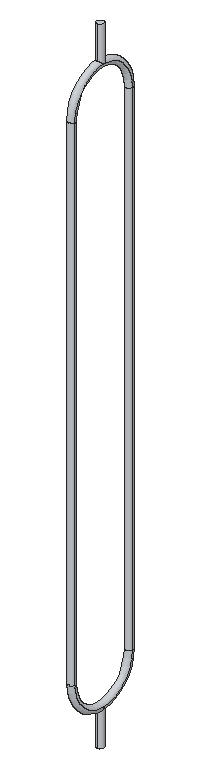
Revit family "BALUSTRADE - DoubleU+TopRod+BottomRod", category Balusters, Revit 2025
Family settings
  OmniClass Number = 23.30.80.11.11.14
  OmniClass Title = Posts, Newel Posts, Pickets
  Always vertical = Yes
  Cut with Voids When Loaded = No
  Shared = No
Parameters
  Top Off = 50 mm
  built-in parameter 1008623 [instance] = (empty or 0)
  built-in parameter 1008625 [instance] = (empty or 0)
  Post = no
  Bottom Off = 50 mm
  built-in parameter 1008624 [instance] = (empty or 0)
  built-in parameter 1008622 [instance] = 800 mm
  BW = 100 mm
  B MATERIAL = none
  B DIA = 10 mm
Reference planes
  plane 1 "Center (Front/Back)": y = 0
  plane 2: z = 0
  plane 3 "Center (Left/Right)": x = 0
  plane 4 "Top": z = 850
  plane 5 "Top of Post": z = 900
  plane 6: y = 50
  plane 7: y = -50
  plane 8: z = 850
  plane 9: z = 50
  plane 10: z = 50
  plane 11: z = 900
  plane 12: z = 900
Forms (mm)
  Sweep 1, solid, material <- "B MATERIAL"
    path origin (0, 0, 0) x (0, 1, 0) y (0, 0, 1)
      loop
        arc (50, 800) -> (0, 850) -> (-50, 800) r 50
        line (-50, 800) -> (-50, 100)
        arc (-50, 100) -> (0, 50) -> (50, 100) r 50
        line (50, 100) -> (50, 800)
    profile origin (0, 50, 450) x (1, 0, 0) y (0, 1, 0)
      loop
        circle (0, 0) r 5
  Sweep 2, solid, material <- "B MATERIAL"
    path origin (0, 0, 0) x (0, 1, 0) y (0, 0, 1)
      loop
        line (0, 850) -> (0, 900)
    profile origin (0, 0, 875) x (0, -1, 0) y (1, 0, 0)
      loop
        circle (0, 0) r 5
  Sweep 3, solid, material <- "B MATERIAL"
    path origin (0, -30.712, -879.464) x (0, 1, 0) y (0, 0, 1)
      loop
        line (30.712, 879.464) -> (30.712, 929.464)
    profile origin (0, 0, 25) x (0, -1, 0) y (1, 0, 0)
      loop
        circle (0, 0) r 5
Cuts and joins
  joined: Sweep 1, Sweep 2, Sweep 3
Text (mm)
  text "Baluster Post Elevation" at (0, 80.706, 1082.954), in view "Left"
Dimensions and locks
  "built-in parameter 1008622": plane 10 to plane 4 "Top"
  equal spacing: plane 6, plane 1 "Center (Front/Back)", plane 7
  "BW": plane 6 to plane 7
  "built-in parameter 1008622": Sweep 1 sketch curve to Sweep 1 sketch curve
  "built-in parameter 1008622": plane 8 to plane 9
  "Bottom Off": Sweep 1 sketch curve to plane 2
  "Bottom Off": plane 9 to plane 2
  "Bottom Off": plane 10 to plane 2
  "Top Off": plane 4 "Top" to plane 11
  "Top Off": plane 12 to plane 8
  "B DIA": diameter of Sweep 1 sketch curve
  "B DIA": diameter of Sweep 2 sketch curve
  "B DIA": diameter of Sweep 3 sketch curve
  aligned and locked: plane 2 to level
  aligned and locked: Sweep 1 sketch curve to plane 6
  aligned and locked: Sweep 1 sketch curve to plane 7
  aligned and locked: plane 11 to Sweep 2 sketch curve
  aligned and locked: plane 4 "Top" to Sweep 2 sketch curve
  aligned and locked: profile plane to Sweep 2 sketch curve  (x2)
  aligned and locked: plane 1 "Center (Front/Back)" to Sweep 2 sketch curve
  aligned and locked: profile plane to Sweep 3 sketch curve  (x2)
  aligned and locked: plane 1 "Center (Front/Back)" to Sweep 3 sketch curve
  aligned and locked: plane 10 to Sweep 3 sketch curve
  aligned and locked: plane 2 to Sweep 3 sketch curve
Automatic sketch dimensions
  Sweep 1 sketch curve to plane 3 "Center (Left/Right)" = 0 mm
  profile plane to Sweep 1 sketch curve = 0 mm
